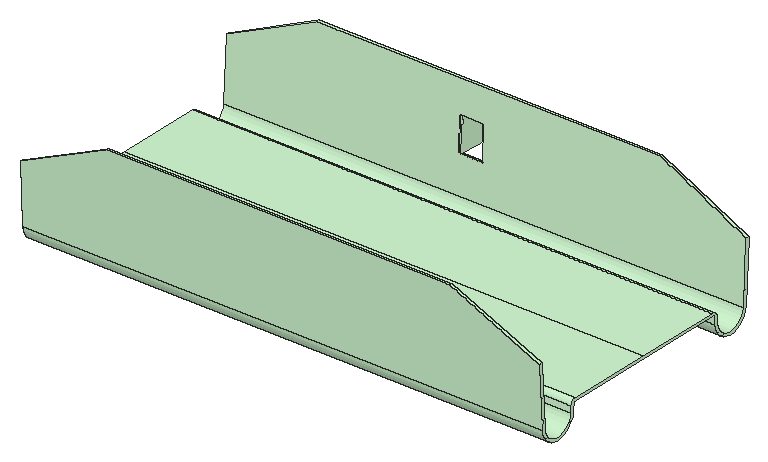
Revit family "25形Wバー(0.8）ジョイント", category 機械設備, Revit 2020
Family settings
  丸型コネクタ寸法 = 直径を使用
  種別 = なし
  パーツ タイプ = 標準
  作業面ベース = いいえ
  常に垂直 = はい
  ロード時にボイドで切り取り = いいえ
  共有 = いいえ
  部屋計算ポイント = いいえ
Parameters
  製造元 = "株式会社桐井製作所"
  既定の高さ = 0 mm
  URL = "https://www.kirii.co.jp/"
  K_品名 = "25型Wバー(0.8)ジョイント"
  K_名称 = "特殊ジョイント"
  K_入数 = "200"
  K_バージョン情報 = "20100714"
Reference planes
  plane 1 "中心(正面/背面)": y = 0
  plane 2: z = 0
  plane 3 "中心(左/右)": x = 0
Forms (mm)
  Extrusion 1, solid
    sketch origin (0, 0, 0.237) x (0, 1, 0) y (0, 0, 1)
      loop
        line (-24.995, 22.818) -> (-25.527, 23.41) -> (-24.427, 3.096)
        arc (-24.427, 3.096) -> (-20.737, -0.177) -> (-17.088, 3.142) r 3.691
        line (-17.088, 3.142) -> (-17, 4.825) -> (17, 4.825) -> (17.088, 3.142)
        arc (17.088, 3.142) -> (20.737, -0.177) -> (24.427, 3.096) r 3.691
        line (24.427, 3.096) -> (25.527, 23.41) -> (24.995, 22.818) -> (23.929, 3.138)
        arc (23.929, 3.138) -> (20.739, 0.323) -> (17.587, 3.18) r 3.191
        line (17.587, 3.18) -> (17.524, 4.377)
        arc (17.524, 4.377) -> (17.214, 5.05) -> (16.526, 5.325) r 1
        line (16.526, 5.325) -> (0, 5.325) -> (-16.526, 5.325)
        arc (-16.526, 5.325) -> (-17.214, 5.05) -> (-17.524, 4.377) r 1
        line (-17.524, 4.377) -> (-17.587, 3.18)
        arc (-17.587, 3.18) -> (-20.739, 0.323) -> (-23.929, 3.138) r 3.191
        line (-23.929, 3.138) -> (-24.995, 22.818)
    from -43.5 to 56.5
  Extrusion 2, void
    sketch origin (-0.27, 14.725, 24.794) x (-1, 0, 0) y (0, 0.091008, 0.99585)
      loop
        line (-2.073, -6.857) -> (-6.27, -6.857) -> (-6.27, -13.382) -> (-2.073, -13.382)
        arc (-2.073, -13.382) -> (-1.717, -13.234) -> (-1.57, -12.879) r 0.503
        line (-1.57, -12.879) -> (-1.57, -7.361)
        arc (-1.57, -7.361) -> (-1.717, -7.005) -> (-2.073, -6.857) r 0.504
    from 10.351 to 11.91
  Extrusion 3, void
    sketch origin (0, 0, 0.084) x (1, 0, 0) y (0, 0, 1)
      loop
        line (-43.5, 14.981) -> (-24.84, 23.75) -> (-43.5, 23.75) -> (-43.5, 14.981)
    from 22.635 to 25.948
  Extrusion 4, void
    sketch origin (0, 0, 0.084) x (1, 0, 0) y (0, 0, -1)
      loop
        line (-25.236, -23.563) -> (-43.5, -14.981) -> (-43.5, -23.563) -> (-25.236, -23.563)
    from 22.635 to 25.948
  Extrusion 5, void
    sketch origin (0, 0, 0.084) x (-1, 0, 0) y (0, 0, -1)
      loop
        line (-56.5, -14.981) -> (-56.5, -23.563) -> (-38.174, -23.563) -> (-56.5, -14.981)
    from 22.635 to 25.948
  Extrusion 6, void
    sketch origin (0, 0, 0.084) x (-1, 0, 0) y (0, 0, 1)
      loop
        line (-56.5, 14.981) -> (-38.174, 23.563) -> (-56.5, 23.563) -> (-56.5, 14.981)
    from 22.635 to 25.948
  Extrusion 7, void
    sketch origin (0, 1.237, -1.188) x (0, 0.99863, 0.052336) y (0, -0.052336, 0.99863)
      loop
        line (24.775, 22.953) -> (25.723, 22.904) -> (25.769, 23.778) -> (24.82, 23.827) -> (24.775, 22.953)
    from -26.5 to 39.5
  Extrusion 8, void
    sketch origin (0, -49.251, -1.188) x (0, 0.99863, 0.052336) y (0, -0.052336, 0.99863)
      loop
        line (24.695, 22.954) -> (25.751, 22.898) -> (25.799, 23.821) -> (24.744, 23.876) -> (24.695, 22.954)
    from -30.88 to 39.5
  Extrusion 9, solid
    sketch origin (1.8, 13.601, -0.622) x (0, -0.997137, -0.075613) y (0, 0.075613, -0.997137)
      loop
        line (-12.369, -16.715) -> (-11.527, -10.269) -> (-15.989, -9.687)
        arc (-15.989, -9.687) -> (-16.359, -9.786) -> (-16.55, -10.118) r 0.5
        line (-16.55, -10.118) -> (-17.262, -15.572)
        arc (-17.262, -15.572) -> (-17.162, -15.941) -> (-16.831, -16.132) r 0.5
        line (-16.831, -16.132) -> (-12.369, -16.715)
    from -0.5 to 0
Cuts and joins
  Extrusion 2, Extrusion 3, Extrusion 4, Extrusion 5, Extrusion 6, Extrusion 7, Extrusion 8 cuts Extrusion 1
Dimensions and locks
  aligned and locked: level to plane 2
